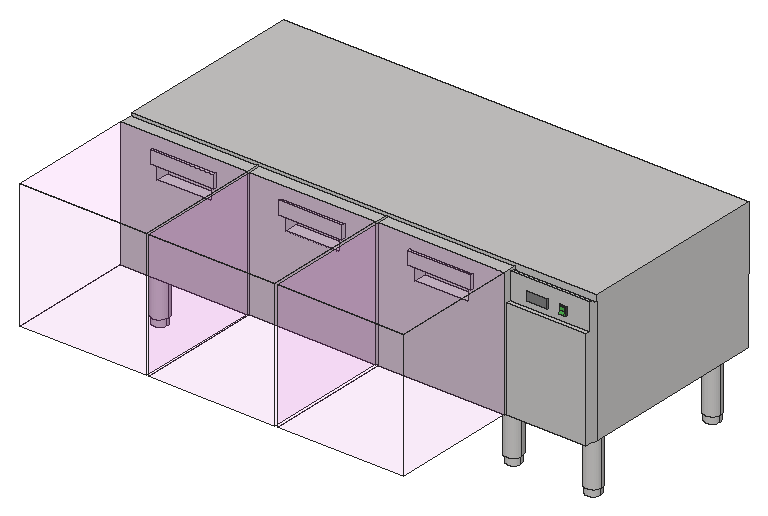
Revit family "QF_ELECTROLUXPROFESSIONAL_371372_E7TTAPCOMKN", category Specialty Equipment, Revit 2018
Family settings
  Round Connector Dimension = Use Diameter
  Part Type = Normal
  Work Plane-Based = No
  Always vertical = Yes
  Cut with Voids When Loaded = No
  Shared = No
  Room Calculation Point = No
Parameters
  Weight = 110.00 kg
  Watts = 0 W
  Volts = 0 V
  URL Manufacturer = ""
  URL = ""
  Steam Supply Size = 0 mm
  Steam Supply Minimum Pressure = 0.0 Pa
  Steam Supply Maximum Pressure = 0.0 Pa
  Steam Pounds per Hour = 0
  Refrigeration Suction Line Size = 0 mm
  Refrigeration Liquid Line Size = 0 mm
  Refrigerant Compressor Remote = yes
  Manufacturer = ""
  Phase = 0
  Model = ""
  Length Actual = 1600 mm  # constant formula
  Item Number = ""
  Hot Water Size = 0 mm
  Height Actual = 600 mm  # constant formula
  HP = "0.5 HP"
  Gas Size = 0 mm
  Gas KW = 0
  Gas Input Pressure = 0 W
  Direct Waste Size = 12.7 mm
  Description = ""
  Depth Actual = 700 mm  # constant formula
  Cycle = 0 Hz
  Condensate Return Size = 0 mm
  Compressed Air Volume = 0.0 L/s
  Compressed Air Size = 0 mm
  Compressed Air Pressure = 0.0 Pa
  Cold Water Size = 0 mm
  Accessory = yes
Reference planes
  plane 1 "Center X": y = 0
  plane 2: z = 0
  plane 3 "Centro (Sinistra/Destra)": x = 0
  plane 4: z = 200
  plane 5 "TOP": z = 650
  plane 6 "BACK": y = 350
  plane 7 "FRONT": y = -350
  plane 8 "LEFT": x = -800
  plane 9 "RIGHT": x = 800
  plane 10: y = -303
  plane 11: y = -348
  plane 12: x = -745
  plane 13: x = 745
  plane 14: x = 471
  plane 15: y = 262
  plane 16: y = -249
  plane 17: x = 286
  plane 18: x = -799
  plane 19: x = 799
  plane 20: y = 190
  plane 21: x = 560
Forms (mm)
  Extrusion 1, solid, material "QF_Finishes_Stainless Steel"
    sketch origin (0, 0, 650) x (-1, 0, 0) y (0, -1, 0)
      loop
        line (799, -350) -> (799, 303) -> (-799, 303) -> (-799, -350) -> (799, -350)
    from -450 to 0
  Extrusion 2, solid, material "QF_Finishes_Stainless Steel"
    sketch origin (196, -342.999, 0) x (-1, 0, 0) y (0, 0, 1)
      loop
        line (995, 201.587) -> (995, 640.994) -> (560.999, 640.994) -> (560.999, 201.587) -> (995, 201.587)
      loop
        line (871.3, 506.706) -> (871.3, 585) -> (684.699, 585) -> (684.699, 506.706) -> (871.3, 506.706)
    from -5.001 to 39.999
  Extrusion 3, solid, material "QF_Door-Drawer Clearances"
    sketch origin (196, -348, 0) x (1, 0, 0) y (0, 0, 1)
      loop
        line (-995, 640.994) -> (-995, 201.587) -> (-560.999, 201.587) -> (-560.999, 640.994) -> (-995, 640.994)
    from 0 to 434
  Extrusion 4, solid, material "QF_Finishes_Stainless Steel"
    sketch origin (196, -348, 0) x (1, 0, 0) y (0, 0, 1)
      loop
        line (-886.3, 598.969) -> (-886.3, 553.969) -> (-669.699, 553.969) -> (-669.699, 598.969) -> (-886.3, 598.969)
    from 0 to 10
  Extrusion 5, solid, material "QF_Finishes_Stainless Steel"
    sketch origin (200, 0, 0) x (1, 0, 0) y (0, 1, 0)
      loop
        circle (560, 190) r 6
    from 189.987 to 200
  Extrusion 6, solid, material "QF_Finishes_Stainless Steel"
    sketch origin (799, 66.551, 0) x (0, 1, 0) y (0, 0, 1)
      loop
        line (-369.551, 629.527) -> (-386.314, 640.994) -> (-397.65, 640.994) -> (-397.65, 549.796) -> (-414.551, 549.796) -> (-414.551, 204.796) -> (-384.714, 204.796) -> (-374.993, 200) -> (-369.551, 200) -> (-369.551, 629.527)
    from 0 to -271
  Extrusion 7, solid, material "QF_Finishes_Black"
    sketch origin (783, -331.099, 630.994) x (0, 0, -1) y (1, 0, 0)
      loop
        line (32.198, -86.899) -> (61.199, -86.899) -> (61.199, -64.9) -> (32.198, -64.9) -> (32.198, -86.899)
    from 0 to 1.6
  Extrusion 8, solid, material "QF_Finishes_Grey"
    sketch origin (789, -331.099, 630.994) x (0, 0, -1) y (1, 0, 0)
      loop
        line (32.198, -206.099) -> (61.199, -206.099) -> (61.199, -136.099) -> (32.198, -136.099) -> (32.198, -206.099)
    from 0 to 1.6
  Extrusion 9, solid, material "QF_Finishes_Green"
    sketch origin (718.1, -331.099, 598.796) x (0, 0, -1) y (0, 1, 0)
      loop
        line (2.279, -3.281) -> (14.5, -3.281) -> (25.308, -8.985)
        arc (25.308, -8.985) -> (26.537, -5.394) -> (26.605, -1.6) r 12.221
        line (26.605, -1.6) -> (2.395, -1.6)
        arc (2.395, -1.6) -> (2.308, -2.439) -> (2.279, -3.281) r 12.221
    from -20 to -2
  Extrusion 10, solid, material "QF_Finishes_Stainless Steel"
    sketch origin (640.331, -342.999, 0) x (-1, 0, 0) y (0, 0, 1)
      loop
        line (997, 201.587) -> (997, 640.994) -> (563, 640.994) -> (563, 201.587) -> (997, 201.587)
      loop
        line (873.3, 506.706) -> (873.3, 585) -> (686.699, 585) -> (686.699, 506.706) -> (873.3, 506.706)
    from -5.001 to 39.999
  Extrusion 11, solid, material "QF_Door-Drawer Clearances"
    sketch origin (640.331, -348, 0) x (1, 0, 0) y (0, 0, 1)
      loop
        line (-997, 640.994) -> (-997, 201.587) -> (-563, 201.587) -> (-563, 640.994) -> (-997, 640.994)
    from 0 to 434
  Extrusion 12, solid, material "QF_Finishes_Stainless Steel"
    sketch origin (640.331, -348, 0) x (1, 0, 0) y (0, 0, 1)
      loop
        line (-888.3, 598.969) -> (-888.3, 553.969) -> (-671.699, 553.969) -> (-671.699, 598.969) -> (-888.3, 598.969)
    from 0 to 10
  Extrusion 13, solid, material "QF_Finishes_Stainless Steel"
    sketch origin (1073.161, -342.999, 0) x (-1, 0, 0) y (0, 0, 1)
      loop
        line (553.5, 201.587) -> (987.5, 201.587) -> (987.5, 640.994) -> (553.5, 640.994) -> (553.5, 201.587)
      loop
        line (863.8, 506.706) -> (863.8, 585) -> (677.199, 585) -> (677.199, 506.706) -> (863.8, 506.706)
    from -5.001 to 39.999
  Extrusion 14, solid, material "QF_Door-Drawer Clearances"
    sketch origin (1073.161, -348, 0) x (1, 0, 0) y (0, 0, 1)
      loop
        line (-553.5, 640.994) -> (-987.5, 640.994) -> (-987.5, 201.587) -> (-553.5, 201.587) -> (-553.5, 640.994)
    from 0 to 434
  Extrusion 15, solid, material "QF_Finishes_Stainless Steel"
    sketch origin (1073.161, -348, 0) x (1, 0, 0) y (0, 0, 1)
      loop
        line (-878.8, 598.969) -> (-878.8, 553.969) -> (-662.199, 553.969) -> (-662.199, 598.969) -> (-878.8, 598.969)
    from 0 to 10
Lines and regions (mm)
  Split face 1
    outline origin (789, -332.699, 630.994) x (0, 0, -1) y (1, 0, 0)
      loop
        line (37.198, -196.099) -> (52.198, -196.099) -> (52.198, -146.099) -> (37.198, -146.099) -> (37.198, -196.099)
  Split face 2
    outline origin (789, -332.699, 630.994) x (0, 0, -1) y (1, 0, 0)
      loop
        circle (44.698, -143.099) r 1.2
  Split face 3
    outline origin (789, -332.699, 630.994) x (0, 0, -1) y (1, 0, 0)
      loop
        circle (39.698, -143.099) r 1.2
  Split face 4
    outline origin (789, -332.699, 630.994) x (0, 0, -1) y (1, 0, 0)
      loop
        circle (49.698, -143.099) r 1.2
  Split face 5
    outline origin (789, -332.699, 630.994) x (0, 0, -1) y (1, 0, 0)
      loop
        circle (39.698, -199.099) r 1.2
  Split face 6
    outline origin (789, -332.699, 630.994) x (0, 0, -1) y (1, 0, 0)
      loop
        circle (44.698, -199.099) r 1.2
  Split face 7
    outline origin (789, -332.699, 630.994) x (0, 0, -1) y (1, 0, 0)
      loop
        circle (49.698, -199.099) r 1.2
  Split face 8
    outline origin (789, -332.699, 630.994) x (0, 0, -1) y (1, 0, 0)
      loop
        line (59.151, -196.099) -> (59.151, -185.099) -> (54.151, -185.099) -> (54.151, -196.099) -> (59.151, -196.099)
  Split face 9
    outline origin (789, -332.699, 630.994) x (0, 0, -1) y (1, 0, 0)
      loop
        line (54.151, -183.099) -> (59.151, -183.099) -> (59.151, -172.099) -> (54.151, -172.099) -> (54.151, -183.099)
  Split face 10
    outline origin (802, -332.699, 630.994) x (0, 0, -1) y (1, 0, 0)
      loop
        line (54.151, -183.099) -> (59.151, -183.099) -> (59.151, -172.099) -> (54.151, -172.099) -> (54.151, -183.099)
  Split face 11
    outline origin (815, -332.699, 630.994) x (0, 0, -1) y (1, 0, 0)
      loop
        line (54.151, -183.099) -> (59.151, -183.099) -> (59.151, -172.099) -> (54.151, -172.099) -> (54.151, -183.099)
  Split face 12
    outline origin (799, -348, 412.291) x (0, 0, -1) y (1, 0, 0)
      loop
        arc (-85.025, -240.599) -> (-81.004, -236.61) -> (-85.004, -232.599) r 4
        line (-85.004, -232.599) -> (-117.004, -232.599)
        arc (-117.004, -232.599) -> (-121.004, -236.61) -> (-116.984, -240.599) r 4
        line (-116.984, -240.599) -> (-85.025, -240.599)
  Split face 13
    outline origin (811, -348, 412.291) x (0, 0, -1) y (1, 0, 0)
      loop
        arc (-85.025, -240.599) -> (-81.004, -236.61) -> (-85.004, -232.599) r 4
        line (-85.004, -232.599) -> (-117.004, -232.599)
        arc (-117.004, -232.599) -> (-121.004, -236.61) -> (-116.984, -240.599) r 4
        line (-116.984, -240.599) -> (-85.025, -240.599)
  Split face 14
    outline origin (823, -348, 412.291) x (0, 0, -1) y (1, 0, 0)
      loop
        arc (-85.025, -240.599) -> (-81.004, -236.61) -> (-85.004, -232.599) r 4
        line (-85.004, -232.599) -> (-117.004, -232.599)
        arc (-117.004, -232.599) -> (-121.004, -236.61) -> (-116.984, -240.599) r 4
        line (-116.984, -240.599) -> (-85.025, -240.599)
  Split face 15
    outline origin (834.897, -348, 412.291) x (0, 0, -1) y (1, 0, 0)
      loop
        arc (-85.025, -240.599) -> (-81.004, -236.61) -> (-85.004, -232.599) r 4
        line (-85.004, -232.599) -> (-117.004, -232.599)
        arc (-117.004, -232.599) -> (-121.004, -236.61) -> (-116.984, -240.599) r 4
        line (-116.984, -240.599) -> (-85.025, -240.599)
  Split face 16
    outline origin (846.896, -348, 412.291) x (0, 0, -1) y (1, 0, 0)
      loop
        arc (-85.025, -240.599) -> (-81.004, -236.61) -> (-85.004, -232.599) r 4
        line (-85.004, -232.599) -> (-117.004, -232.599)
        arc (-117.004, -232.599) -> (-121.004, -236.61) -> (-116.984, -240.599) r 4
        line (-116.984, -240.599) -> (-85.025, -240.599)
  Split face 17
    outline origin (858.896, -348, 412.291) x (0, 0, -1) y (1, 0, 0)
      loop
        arc (-85.025, -240.599) -> (-81.004, -236.61) -> (-85.004, -232.599) r 4
        line (-85.004, -232.599) -> (-117.004, -232.599)
        arc (-117.004, -232.599) -> (-121.004, -236.61) -> (-116.984, -240.599) r 4
        line (-116.984, -240.599) -> (-85.025, -240.599)
  Split face 18
    outline origin (870.896, -348, 412.291) x (0, 0, -1) y (1, 0, 0)
      loop
        arc (-85.025, -240.599) -> (-81.004, -236.61) -> (-85.004, -232.599) r 4
        line (-85.004, -232.599) -> (-117.004, -232.599)
        arc (-117.004, -232.599) -> (-121.004, -236.61) -> (-116.984, -240.599) r 4
        line (-116.984, -240.599) -> (-85.025, -240.599)
  Split face 19
    outline origin (882.897, -348, 412.291) x (0, 0, -1) y (1, 0, 0)
      loop
        arc (-85.025, -240.599) -> (-81.004, -236.61) -> (-85.004, -232.599) r 4
        line (-85.004, -232.599) -> (-117.004, -232.599)
        arc (-117.004, -232.599) -> (-121.004, -236.61) -> (-116.984, -240.599) r 4
        line (-116.984, -240.599) -> (-85.025, -240.599)
  Split face 20
    outline origin (894.896, -348, 412.291) x (0, 0, -1) y (1, 0, 0)
      loop
        arc (-85.025, -240.599) -> (-81.004, -236.61) -> (-85.004, -232.599) r 4
        line (-85.004, -232.599) -> (-117.004, -232.599)
        arc (-117.004, -232.599) -> (-121.004, -236.61) -> (-116.984, -240.599) r 4
        line (-116.984, -240.599) -> (-85.025, -240.599)
  Split face 21
    outline origin (906.896, -348, 412.291) x (0, 0, -1) y (1, 0, 0)
      loop
        arc (-85.025, -242.399) -> (-81.004, -238.41) -> (-85.004, -234.4) r 4
        line (-85.004, -234.4) -> (-117.004, -234.4)
        arc (-117.004, -234.4) -> (-121.004, -238.41) -> (-116.984, -242.399) r 4
        line (-116.984, -242.399) -> (-85.025, -242.399)
  Split face 22
    outline origin (918.896, -348, 412.291) x (0, 0, -1) y (1, 0, 0)
      loop
        arc (-85.025, -242.399) -> (-81.004, -238.41) -> (-85.004, -234.4) r 4
        line (-85.004, -234.4) -> (-117.004, -234.4)
        arc (-117.004, -234.4) -> (-121.004, -238.41) -> (-116.984, -242.399) r 4
        line (-116.984, -242.399) -> (-85.025, -242.399)
  Split face 23
    outline origin (930.896, -348, 412.291) x (0, 0, -1) y (1, 0, 0)
      loop
        arc (-85.025, -242.399) -> (-81.004, -238.41) -> (-85.004, -234.4) r 4
        line (-85.004, -234.4) -> (-117.004, -234.4)
        arc (-117.004, -234.4) -> (-121.004, -238.41) -> (-116.984, -242.399) r 4
        line (-116.984, -242.399) -> (-85.025, -242.399)
  Split face 24
    outline origin (942.896, -348, 412.291) x (0, 0, -1) y (1, 0, 0)
      loop
        arc (-85.025, -242.399) -> (-81.004, -238.41) -> (-85.004, -234.4) r 4
        line (-85.004, -234.4) -> (-117.004, -234.4)
        arc (-117.004, -234.4) -> (-121.004, -238.41) -> (-116.984, -242.399) r 4
        line (-116.984, -242.399) -> (-85.025, -242.399)
  Split face 25
    outline origin (954.896, -348, 412.291) x (0, 0, -1) y (1, 0, 0)
      loop
        arc (-85.025, -242.399) -> (-81.004, -238.41) -> (-85.004, -234.4) r 4
        line (-85.004, -234.4) -> (-117.004, -234.4)
        arc (-117.004, -234.4) -> (-121.004, -238.41) -> (-116.984, -242.399) r 4
        line (-116.984, -242.399) -> (-85.025, -242.399)
  Split face 26
    outline origin (966.896, -348, 412.291) x (0, 0, -1) y (1, 0, 0)
      loop
        arc (-85.025, -242.399) -> (-81.004, -238.41) -> (-85.004, -234.4) r 4
        line (-85.004, -234.4) -> (-117.004, -234.4)
        arc (-117.004, -234.4) -> (-121.004, -238.41) -> (-116.984, -242.399) r 4
        line (-116.984, -242.399) -> (-85.025, -242.399)
  Split face 27
    outline origin (978.896, -348, 412.291) x (0, 0, -1) y (1, 0, 0)
      loop
        arc (-85.025, -242.399) -> (-81.004, -238.41) -> (-85.004, -234.4) r 4
        line (-85.004, -234.4) -> (-117.004, -234.4)
        arc (-117.004, -234.4) -> (-121.004, -238.41) -> (-116.984, -242.399) r 4
        line (-116.984, -242.399) -> (-85.025, -242.399)
  Split face 28
    outline origin (990.896, -348, 412.291) x (0, 0, -1) y (1, 0, 0)
      loop
        arc (-85.025, -242.399) -> (-81.004, -238.41) -> (-85.004, -234.4) r 4
        line (-85.004, -234.4) -> (-117.004, -234.4)
        arc (-117.004, -234.4) -> (-121.004, -238.41) -> (-116.984, -242.399) r 4
        line (-116.984, -242.399) -> (-85.025, -242.399)
  Split face 29
    outline origin (1002.896, -348, 412.291) x (0, 0, -1) y (1, 0, 0)
      loop
        arc (-85.025, -242.399) -> (-81.004, -238.41) -> (-85.004, -234.4) r 4
        line (-85.004, -234.4) -> (-117.004, -234.4)
        arc (-117.004, -234.4) -> (-121.004, -238.41) -> (-116.984, -242.399) r 4
        line (-116.984, -242.399) -> (-85.025, -242.399)
  Split face 30
    outline origin (1014.896, -348, 412.291) x (0, 0, -1) y (1, 0, 0)
      loop
        arc (-85.025, -242.399) -> (-81.004, -238.41) -> (-85.004, -234.4) r 4
        line (-85.004, -234.4) -> (-117.004, -234.4)
        arc (-117.004, -234.4) -> (-121.004, -238.41) -> (-116.984, -242.399) r 4
        line (-116.984, -242.399) -> (-85.025, -242.399)
  Split face 31
    outline origin (787, -348, 412.291) x (0, 0, -1) y (1, 0, 0)
      loop
        arc (-85.025, -240.599) -> (-81.004, -236.61) -> (-85.004, -232.599) r 4
        line (-85.004, -232.599) -> (-117.004, -232.599)
        arc (-117.004, -232.599) -> (-121.004, -236.61) -> (-116.984, -240.599) r 4
        line (-116.984, -240.599) -> (-85.025, -240.599)
  Split face 32
    outline origin (799, -348, 367.29) x (0, 0, -1) y (1, 0, 0)
      loop
        arc (-85.025, -240.599) -> (-81.004, -236.61) -> (-85.004, -232.599) r 4
        line (-85.004, -232.599) -> (-117.004, -232.599)
        arc (-117.004, -232.599) -> (-121.004, -236.61) -> (-116.984, -240.599) r 4
        line (-116.984, -240.599) -> (-85.025, -240.599)
  Split face 33
    outline origin (811, -348, 367.29) x (0, 0, -1) y (1, 0, 0)
      loop
        arc (-85.025, -240.599) -> (-81.004, -236.61) -> (-85.004, -232.599) r 4
        line (-85.004, -232.599) -> (-117.004, -232.599)
        arc (-117.004, -232.599) -> (-121.004, -236.61) -> (-116.984, -240.599) r 4
        line (-116.984, -240.599) -> (-85.025, -240.599)
  Split face 34
    outline origin (823, -348, 367.29) x (0, 0, -1) y (1, 0, 0)
      loop
        arc (-85.025, -240.599) -> (-81.004, -236.61) -> (-85.004, -232.599) r 4
        line (-85.004, -232.599) -> (-117.004, -232.599)
        arc (-117.004, -232.599) -> (-121.004, -236.61) -> (-116.984, -240.599) r 4
        line (-116.984, -240.599) -> (-85.025, -240.599)
  Split face 35
    outline origin (834.897, -348, 367.29) x (0, 0, -1) y (1, 0, 0)
      loop
        arc (-85.025, -240.599) -> (-81.004, -236.61) -> (-85.004, -232.599) r 4
        line (-85.004, -232.599) -> (-117.004, -232.599)
        arc (-117.004, -232.599) -> (-121.004, -236.61) -> (-116.984, -240.599) r 4
        line (-116.984, -240.599) -> (-85.025, -240.599)
  Split face 36
    outline origin (846.896, -348, 367.29) x (0, 0, -1) y (1, 0, 0)
      loop
        arc (-85.025, -240.599) -> (-81.004, -236.61) -> (-85.004, -232.599) r 4
        line (-85.004, -232.599) -> (-117.004, -232.599)
        arc (-117.004, -232.599) -> (-121.004, -236.61) -> (-116.984, -240.599) r 4
        line (-116.984, -240.599) -> (-85.025, -240.599)
  Split face 37
    outline origin (858.896, -348, 367.29) x (0, 0, -1) y (1, 0, 0)
      loop
        arc (-85.025, -240.599) -> (-81.004, -236.61) -> (-85.004, -232.599) r 4
        line (-85.004, -232.599) -> (-117.004, -232.599)
        arc (-117.004, -232.599) -> (-121.004, -236.61) -> (-116.984, -240.599) r 4
        line (-116.984, -240.599) -> (-85.025, -240.599)
  Split face 38
    outline origin (870.896, -348, 367.29) x (0, 0, -1) y (1, 0, 0)
      loop
        arc (-85.025, -240.599) -> (-81.004, -236.61) -> (-85.004, -232.599) r 4
        line (-85.004, -232.599) -> (-117.004, -232.599)
        arc (-117.004, -232.599) -> (-121.004, -236.61) -> (-116.984, -240.599) r 4
        line (-116.984, -240.599) -> (-85.025, -240.599)
  Split face 39
    outline origin (882.897, -348, 367.29) x (0, 0, -1) y (1, 0, 0)
      loop
        arc (-85.025, -240.599) -> (-81.004, -236.61) -> (-85.004, -232.599) r 4
        line (-85.004, -232.599) -> (-117.004, -232.599)
        arc (-117.004, -232.599) -> (-121.004, -236.61) -> (-116.984, -240.599) r 4
        line (-116.984, -240.599) -> (-85.025, -240.599)
  Split face 40
    outline origin (894.896, -348, 367.29) x (0, 0, -1) y (1, 0, 0)
      loop
        arc (-85.025, -240.599) -> (-81.004, -236.61) -> (-85.004, -232.599) r 4
        line (-85.004, -232.599) -> (-117.004, -232.599)
        arc (-117.004, -232.599) -> (-121.004, -236.61) -> (-116.984, -240.599) r 4
        line (-116.984, -240.599) -> (-85.025, -240.599)
  Split face 41
    outline origin (906.896, -348, 367.29) x (0, 0, -1) y (1, 0, 0)
      loop
        arc (-85.025, -242.399) -> (-81.004, -238.41) -> (-85.004, -234.4) r 4
        line (-85.004, -234.4) -> (-117.004, -234.4)
        arc (-117.004, -234.4) -> (-121.004, -238.41) -> (-116.984, -242.399) r 4
        line (-116.984, -242.399) -> (-85.025, -242.399)
  Split face 42
    outline origin (918.896, -348, 367.29) x (0, 0, -1) y (1, 0, 0)
      loop
        arc (-85.025, -242.399) -> (-81.004, -238.41) -> (-85.004, -234.4) r 4
        line (-85.004, -234.4) -> (-117.004, -234.4)
        arc (-117.004, -234.4) -> (-121.004, -238.41) -> (-116.984, -242.399) r 4
        line (-116.984, -242.399) -> (-85.025, -242.399)
  Split face 43
    outline origin (930.896, -348, 367.29) x (0, 0, -1) y (1, 0, 0)
      loop
        arc (-85.025, -242.399) -> (-81.004, -238.41) -> (-85.004, -234.4) r 4
        line (-85.004, -234.4) -> (-117.004, -234.4)
        arc (-117.004, -234.4) -> (-121.004, -238.41) -> (-116.984, -242.399) r 4
        line (-116.984, -242.399) -> (-85.025, -242.399)
  Split face 44
    outline origin (942.896, -348, 367.29) x (0, 0, -1) y (1, 0, 0)
      loop
        arc (-85.025, -242.399) -> (-81.004, -238.41) -> (-85.004, -234.4) r 4
        line (-85.004, -234.4) -> (-117.004, -234.4)
        arc (-117.004, -234.4) -> (-121.004, -238.41) -> (-116.984, -242.399) r 4
        line (-116.984, -242.399) -> (-85.025, -242.399)
  Split face 45
    outline origin (954.896, -348, 367.29) x (0, 0, -1) y (1, 0, 0)
      loop
        arc (-85.025, -242.399) -> (-81.004, -238.41) -> (-85.004, -234.4) r 4
        line (-85.004, -234.4) -> (-117.004, -234.4)
        arc (-117.004, -234.4) -> (-121.004, -238.41) -> (-116.984, -242.399) r 4
        line (-116.984, -242.399) -> (-85.025, -242.399)
  Split face 46
    outline origin (966.896, -348, 367.29) x (0, 0, -1) y (1, 0, 0)
      loop
        arc (-85.025, -242.399) -> (-81.004, -238.41) -> (-85.004, -234.4) r 4
        line (-85.004, -234.4) -> (-117.004, -234.4)
        arc (-117.004, -234.4) -> (-121.004, -238.41) -> (-116.984, -242.399) r 4
        line (-116.984, -242.399) -> (-85.025, -242.399)
  Split face 47
    outline origin (978.896, -348, 367.29) x (0, 0, -1) y (1, 0, 0)
      loop
        arc (-85.025, -242.399) -> (-81.004, -238.41) -> (-85.004, -234.4) r 4
        line (-85.004, -234.4) -> (-117.004, -234.4)
        arc (-117.004, -234.4) -> (-121.004, -238.41) -> (-116.984, -242.399) r 4
        line (-116.984, -242.399) -> (-85.025, -242.399)
  Split face 48
    outline origin (990.896, -348, 367.29) x (0, 0, -1) y (1, 0, 0)
      loop
        arc (-85.025, -242.399) -> (-81.004, -238.41) -> (-85.004, -234.4) r 4
        line (-85.004, -234.4) -> (-117.004, -234.4)
        arc (-117.004, -234.4) -> (-121.004, -238.41) -> (-116.984, -242.399) r 4
        line (-116.984, -242.399) -> (-85.025, -242.399)
  Split face 49
    outline origin (1002.896, -348, 367.29) x (0, 0, -1) y (1, 0, 0)
      loop
        arc (-85.025, -242.399) -> (-81.004, -238.41) -> (-85.004, -234.4) r 4
        line (-85.004, -234.4) -> (-117.004, -234.4)
        arc (-117.004, -234.4) -> (-121.004, -238.41) -> (-116.984, -242.399) r 4
        line (-116.984, -242.399) -> (-85.025, -242.399)
  Split face 50
    outline origin (1014.896, -348, 367.29) x (0, 0, -1) y (1, 0, 0)
      loop
        arc (-85.025, -242.399) -> (-81.004, -238.41) -> (-85.004, -234.4) r 4
        line (-85.004, -234.4) -> (-117.004, -234.4)
        arc (-117.004, -234.4) -> (-121.004, -238.41) -> (-116.984, -242.399) r 4
        line (-116.984, -242.399) -> (-85.025, -242.399)
  Split face 51
    outline origin (787, -348, 367.29) x (0, 0, -1) y (1, 0, 0)
      loop
        arc (-85.025, -240.599) -> (-81.004, -236.61) -> (-85.004, -232.599) r 4
        line (-85.004, -232.599) -> (-117.004, -232.599)
        arc (-117.004, -232.599) -> (-121.004, -236.61) -> (-116.984, -240.599) r 4
        line (-116.984, -240.599) -> (-85.025, -240.599)
  Split face 52
    outline origin (799, -348, 322.29) x (0, 0, -1) y (1, 0, 0)
      loop
        arc (-85.025, -240.599) -> (-81.004, -236.61) -> (-85.004, -232.599) r 4
        line (-85.004, -232.599) -> (-117.004, -232.599)
        arc (-117.004, -232.599) -> (-121.004, -236.61) -> (-116.984, -240.599) r 4
        line (-116.984, -240.599) -> (-85.025, -240.599)
  Split face 53
    outline origin (811, -348, 322.29) x (0, 0, -1) y (1, 0, 0)
      loop
        arc (-85.025, -240.599) -> (-81.004, -236.61) -> (-85.004, -232.599) r 4
        line (-85.004, -232.599) -> (-117.004, -232.599)
        arc (-117.004, -232.599) -> (-121.004, -236.61) -> (-116.984, -240.599) r 4
        line (-116.984, -240.599) -> (-85.025, -240.599)
  Split face 54
    outline origin (823, -348, 322.29) x (0, 0, -1) y (1, 0, 0)
      loop
        arc (-85.025, -240.599) -> (-81.004, -236.61) -> (-85.004, -232.599) r 4
        line (-85.004, -232.599) -> (-117.004, -232.599)
        arc (-117.004, -232.599) -> (-121.004, -236.61) -> (-116.984, -240.599) r 4
        line (-116.984, -240.599) -> (-85.025, -240.599)
  Split face 55
    outline origin (834.897, -348, 322.29) x (0, 0, -1) y (1, 0, 0)
      loop
        arc (-85.025, -240.599) -> (-81.004, -236.61) -> (-85.004, -232.599) r 4
        line (-85.004, -232.599) -> (-117.004, -232.599)
        arc (-117.004, -232.599) -> (-121.004, -236.61) -> (-116.984, -240.599) r 4
        line (-116.984, -240.599) -> (-85.025, -240.599)
  Split face 56
    outline origin (846.896, -348, 322.29) x (0, 0, -1) y (1, 0, 0)
      loop
        arc (-85.025, -240.599) -> (-81.004, -236.61) -> (-85.004, -232.599) r 4
        line (-85.004, -232.599) -> (-117.004, -232.599)
        arc (-117.004, -232.599) -> (-121.004, -236.61) -> (-116.984, -240.599) r 4
        line (-116.984, -240.599) -> (-85.025, -240.599)
  Split face 57
    outline origin (858.896, -348, 322.29) x (0, 0, -1) y (1, 0, 0)
      loop
        arc (-85.025, -240.599) -> (-81.004, -236.61) -> (-85.004, -232.599) r 4
        line (-85.004, -232.599) -> (-117.004, -232.599)
        arc (-117.004, -232.599) -> (-121.004, -236.61) -> (-116.984, -240.599) r 4
        line (-116.984, -240.599) -> (-85.025, -240.599)
  Split face 58
    outline origin (870.896, -348, 322.29) x (0, 0, -1) y (1, 0, 0)
      loop
        arc (-85.025, -240.599) -> (-81.004, -236.61) -> (-85.004, -232.599) r 4
        line (-85.004, -232.599) -> (-117.004, -232.599)
        arc (-117.004, -232.599) -> (-121.004, -236.61) -> (-116.984, -240.599) r 4
        line (-116.984, -240.599) -> (-85.025, -240.599)
  Split face 59
    outline origin (882.897, -348, 322.29) x (0, 0, -1) y (1, 0, 0)
      loop
        arc (-85.025, -240.599) -> (-81.004, -236.61) -> (-85.004, -232.599) r 4
        line (-85.004, -232.599) -> (-117.004, -232.599)
        arc (-117.004, -232.599) -> (-121.004, -236.61) -> (-116.984, -240.599) r 4
        line (-116.984, -240.599) -> (-85.025, -240.599)
  Split face 60
    outline origin (894.896, -348, 322.29) x (0, 0, -1) y (1, 0, 0)
      loop
        arc (-85.025, -240.599) -> (-81.004, -236.61) -> (-85.004, -232.599) r 4
        line (-85.004, -232.599) -> (-117.004, -232.599)
        arc (-117.004, -232.599) -> (-121.004, -236.61) -> (-116.984, -240.599) r 4
        line (-116.984, -240.599) -> (-85.025, -240.599)
  Split face 61
    outline origin (906.896, -348, 322.29) x (0, 0, -1) y (1, 0, 0)
      loop
        arc (-85.025, -242.399) -> (-81.004, -238.41) -> (-85.004, -234.4) r 4
        line (-85.004, -234.4) -> (-117.004, -234.4)
        arc (-117.004, -234.4) -> (-121.004, -238.41) -> (-116.984, -242.399) r 4
        line (-116.984, -242.399) -> (-85.025, -242.399)
  Split face 62
    outline origin (918.896, -348, 322.29) x (0, 0, -1) y (1, 0, 0)
      loop
        arc (-85.025, -242.399) -> (-81.004, -238.41) -> (-85.004, -234.4) r 4
        line (-85.004, -234.4) -> (-117.004, -234.4)
        arc (-117.004, -234.4) -> (-121.004, -238.41) -> (-116.984, -242.399) r 4
        line (-116.984, -242.399) -> (-85.025, -242.399)
  Split face 63
    outline origin (930.896, -348, 322.29) x (0, 0, -1) y (1, 0, 0)
      loop
        arc (-85.025, -242.399) -> (-81.004, -238.41) -> (-85.004, -234.4) r 4
        line (-85.004, -234.4) -> (-117.004, -234.4)
        arc (-117.004, -234.4) -> (-121.004, -238.41) -> (-116.984, -242.399) r 4
        line (-116.984, -242.399) -> (-85.025, -242.399)
  Split face 64
    outline origin (942.896, -348, 322.29) x (0, 0, -1) y (1, 0, 0)
      loop
        arc (-85.025, -242.399) -> (-81.004, -238.41) -> (-85.004, -234.4) r 4
        line (-85.004, -234.4) -> (-117.004, -234.4)
        arc (-117.004, -234.4) -> (-121.004, -238.41) -> (-116.984, -242.399) r 4
        line (-116.984, -242.399) -> (-85.025, -242.399)
  Split face 65
    outline origin (954.896, -348, 322.29) x (0, 0, -1) y (1, 0, 0)
      loop
        arc (-85.025, -242.399) -> (-81.004, -238.41) -> (-85.004, -234.4) r 4
        line (-85.004, -234.4) -> (-117.004, -234.4)
        arc (-117.004, -234.4) -> (-121.004, -238.41) -> (-116.984, -242.399) r 4
        line (-116.984, -242.399) -> (-85.025, -242.399)
  Split face 66
    outline origin (966.896, -348, 322.29) x (0, 0, -1) y (1, 0, 0)
      loop
        arc (-85.025, -242.399) -> (-81.004, -238.41) -> (-85.004, -234.4) r 4
        line (-85.004, -234.4) -> (-117.004, -234.4)
        arc (-117.004, -234.4) -> (-121.004, -238.41) -> (-116.984, -242.399) r 4
        line (-116.984, -242.399) -> (-85.025, -242.399)
  Split face 67
    outline origin (978.896, -348, 322.29) x (0, 0, -1) y (1, 0, 0)
      loop
        arc (-85.025, -242.399) -> (-81.004, -238.41) -> (-85.004, -234.4) r 4
        line (-85.004, -234.4) -> (-117.004, -234.4)
        arc (-117.004, -234.4) -> (-121.004, -238.41) -> (-116.984, -242.399) r 4
        line (-116.984, -242.399) -> (-85.025, -242.399)
  Split face 68
    outline origin (990.896, -348, 322.29) x (0, 0, -1) y (1, 0, 0)
      loop
        arc (-85.025, -242.399) -> (-81.004, -238.41) -> (-85.004, -234.4) r 4
        line (-85.004, -234.4) -> (-117.004, -234.4)
        arc (-117.004, -234.4) -> (-121.004, -238.41) -> (-116.984, -242.399) r 4
        line (-116.984, -242.399) -> (-85.025, -242.399)
  Split face 69
    outline origin (1002.896, -348, 322.29) x (0, 0, -1) y (1, 0, 0)
      loop
        arc (-85.025, -242.399) -> (-81.004, -238.41) -> (-85.004, -234.4) r 4
        line (-85.004, -234.4) -> (-117.004, -234.4)
        arc (-117.004, -234.4) -> (-121.004, -238.41) -> (-116.984, -242.399) r 4
        line (-116.984, -242.399) -> (-85.025, -242.399)
  Split face 70
    outline origin (1014.896, -348, 322.29) x (0, 0, -1) y (1, 0, 0)
      loop
        arc (-85.025, -242.399) -> (-81.004, -238.41) -> (-85.004, -234.4) r 4
        line (-85.004, -234.4) -> (-117.004, -234.4)
        arc (-117.004, -234.4) -> (-121.004, -238.41) -> (-116.984, -242.399) r 4
        line (-116.984, -242.399) -> (-85.025, -242.399)
  Split face 71
    outline origin (787, -348, 322.29) x (0, 0, -1) y (1, 0, 0)
      loop
        arc (-85.025, -240.599) -> (-81.004, -236.61) -> (-85.004, -232.599) r 4
        line (-85.004, -232.599) -> (-117.004, -232.599)
        arc (-117.004, -232.599) -> (-121.004, -236.61) -> (-116.984, -240.599) r 4
        line (-116.984, -240.599) -> (-85.025, -240.599)
  Split face 72
    outline origin (799, -348, 277.29) x (0, 0, -1) y (1, 0, 0)
      loop
        arc (-85.025, -240.599) -> (-81.004, -236.61) -> (-85.004, -232.599) r 4
        line (-85.004, -232.599) -> (-117.004, -232.599)
        arc (-117.004, -232.599) -> (-121.004, -236.61) -> (-116.984, -240.599) r 4
        line (-116.984, -240.599) -> (-85.025, -240.599)
  Split face 73
    outline origin (811, -348, 277.29) x (0, 0, -1) y (1, 0, 0)
      loop
        arc (-85.025, -240.599) -> (-81.004, -236.61) -> (-85.004, -232.599) r 4
        line (-85.004, -232.599) -> (-117.004, -232.599)
        arc (-117.004, -232.599) -> (-121.004, -236.61) -> (-116.984, -240.599) r 4
        line (-116.984, -240.599) -> (-85.025, -240.599)
  Split face 74
    outline origin (823, -348, 277.29) x (0, 0, -1) y (1, 0, 0)
      loop
        arc (-85.025, -240.599) -> (-81.004, -236.61) -> (-85.004, -232.599) r 4
        line (-85.004, -232.599) -> (-117.004, -232.599)
        arc (-117.004, -232.599) -> (-121.004, -236.61) -> (-116.984, -240.599) r 4
        line (-116.984, -240.599) -> (-85.025, -240.599)
  Split face 75
    outline origin (834.897, -348, 277.29) x (0, 0, -1) y (1, 0, 0)
      loop
        arc (-85.025, -240.599) -> (-81.004, -236.61) -> (-85.004, -232.599) r 4
        line (-85.004, -232.599) -> (-117.004, -232.599)
        arc (-117.004, -232.599) -> (-121.004, -236.61) -> (-116.984, -240.599) r 4
        line (-116.984, -240.599) -> (-85.025, -240.599)
  Split face 76
    outline origin (846.896, -348, 277.29) x (0, 0, -1) y (1, 0, 0)
      loop
        arc (-85.025, -240.599) -> (-81.004, -236.61) -> (-85.004, -232.599) r 4
        line (-85.004, -232.599) -> (-117.004, -232.599)
        arc (-117.004, -232.599) -> (-121.004, -236.61) -> (-116.984, -240.599) r 4
        line (-116.984, -240.599) -> (-85.025, -240.599)
  Split face 77
    outline origin (858.896, -348, 277.29) x (0, 0, -1) y (1, 0, 0)
      loop
        arc (-85.025, -240.599) -> (-81.004, -236.61) -> (-85.004, -232.599) r 4
        line (-85.004, -232.599) -> (-117.004, -232.599)
        arc (-117.004, -232.599) -> (-121.004, -236.61) -> (-116.984, -240.599) r 4
        line (-116.984, -240.599) -> (-85.025, -240.599)
  Split face 78
    outline origin (870.896, -348, 277.29) x (0, 0, -1) y (1, 0, 0)
      loop
        arc (-85.025, -240.599) -> (-81.004, -236.61) -> (-85.004, -232.599) r 4
        line (-85.004, -232.599) -> (-117.004, -232.599)
        arc (-117.004, -232.599) -> (-121.004, -236.61) -> (-116.984, -240.599) r 4
        line (-116.984, -240.599) -> (-85.025, -240.599)
  Split face 79
    outline origin (882.897, -348, 277.29) x (0, 0, -1) y (1, 0, 0)
      loop
        arc (-85.025, -240.599) -> (-81.004, -236.61) -> (-85.004, -232.599) r 4
        line (-85.004, -232.599) -> (-117.004, -232.599)
        arc (-117.004, -232.599) -> (-121.004, -236.61) -> (-116.984, -240.599) r 4
        line (-116.984, -240.599) -> (-85.025, -240.599)
  Split face 80
    outline origin (894.896, -348, 277.29) x (0, 0, -1) y (1, 0, 0)
      loop
        arc (-85.025, -240.599) -> (-81.004, -236.61) -> (-85.004, -232.599) r 4
        line (-85.004, -232.599) -> (-117.004, -232.599)
        arc (-117.004, -232.599) -> (-121.004, -236.61) -> (-116.984, -240.599) r 4
        line (-116.984, -240.599) -> (-85.025, -240.599)
  Split face 81
    outline origin (906.896, -348, 277.29) x (0, 0, -1) y (1, 0, 0)
      loop
        arc (-85.025, -242.399) -> (-81.004, -238.41) -> (-85.004, -234.4) r 4
        line (-85.004, -234.4) -> (-117.004, -234.4)
        arc (-117.004, -234.4) -> (-121.004, -238.41) -> (-116.984, -242.399) r 4
        line (-116.984, -242.399) -> (-85.025, -242.399)
  Split face 82
    outline origin (918.896, -348, 277.29) x (0, 0, -1) y (1, 0, 0)
      loop
        arc (-85.025, -242.399) -> (-81.004, -238.41) -> (-85.004, -234.4) r 4
        line (-85.004, -234.4) -> (-117.004, -234.4)
        arc (-117.004, -234.4) -> (-121.004, -238.41) -> (-116.984, -242.399) r 4
        line (-116.984, -242.399) -> (-85.025, -242.399)
  Split face 83
    outline origin (930.896, -348, 277.29) x (0, 0, -1) y (1, 0, 0)
      loop
        arc (-85.025, -242.399) -> (-81.004, -238.41) -> (-85.004, -234.4) r 4
        line (-85.004, -234.4) -> (-117.004, -234.4)
        arc (-117.004, -234.4) -> (-121.004, -238.41) -> (-116.984, -242.399) r 4
        line (-116.984, -242.399) -> (-85.025, -242.399)
  Split face 84
    outline origin (942.896, -348, 277.29) x (0, 0, -1) y (1, 0, 0)
      loop
        arc (-85.025, -242.399) -> (-81.004, -238.41) -> (-85.004, -234.4) r 4
        line (-85.004, -234.4) -> (-117.004, -234.4)
        arc (-117.004, -234.4) -> (-121.004, -238.41) -> (-116.984, -242.399) r 4
        line (-116.984, -242.399) -> (-85.025, -242.399)
  Split face 85
    outline origin (954.896, -348, 277.29) x (0, 0, -1) y (1, 0, 0)
      loop
        arc (-85.025, -242.399) -> (-81.004, -238.41) -> (-85.004, -234.4) r 4
        line (-85.004, -234.4) -> (-117.004, -234.4)
        arc (-117.004, -234.4) -> (-121.004, -238.41) -> (-116.984, -242.399) r 4
        line (-116.984, -242.399) -> (-85.025, -242.399)
  Split face 86
    outline origin (966.896, -348, 277.29) x (0, 0, -1) y (1, 0, 0)
      loop
        arc (-85.025, -242.399) -> (-81.004, -238.41) -> (-85.004, -234.4) r 4
        line (-85.004, -234.4) -> (-117.004, -234.4)
        arc (-117.004, -234.4) -> (-121.004, -238.41) -> (-116.984, -242.399) r 4
        line (-116.984, -242.399) -> (-85.025, -242.399)
  Split face 87
    outline origin (978.896, -348, 277.29) x (0, 0, -1) y (1, 0, 0)
      loop
        arc (-85.025, -242.399) -> (-81.004, -238.41) -> (-85.004, -234.4) r 4
        line (-85.004, -234.4) -> (-117.004, -234.4)
        arc (-117.004, -234.4) -> (-121.004, -238.41) -> (-116.984, -242.399) r 4
        line (-116.984, -242.399) -> (-85.025, -242.399)
  Split face 88
    outline origin (990.896, -348, 277.29) x (0, 0, -1) y (1, 0, 0)
      loop
        arc (-85.025, -242.399) -> (-81.004, -238.41) -> (-85.004, -234.4) r 4
        line (-85.004, -234.4) -> (-117.004, -234.4)
        arc (-117.004, -234.4) -> (-121.004, -238.41) -> (-116.984, -242.399) r 4
        line (-116.984, -242.399) -> (-85.025, -242.399)
  Split face 89
    outline origin (1002.896, -348, 277.29) x (0, 0, -1) y (1, 0, 0)
      loop
        arc (-85.025, -242.399) -> (-81.004, -238.41) -> (-85.004, -234.4) r 4
        line (-85.004, -234.4) -> (-117.004, -234.4)
        arc (-117.004, -234.4) -> (-121.004, -238.41) -> (-116.984, -242.399) r 4
        line (-116.984, -242.399) -> (-85.025, -242.399)
  Split face 90
    outline origin (1014.896, -348, 277.29) x (0, 0, -1) y (1, 0, 0)
      loop
        arc (-85.025, -242.399) -> (-81.004, -238.41) -> (-85.004, -234.4) r 4
        line (-85.004, -234.4) -> (-117.004, -234.4)
        arc (-117.004, -234.4) -> (-121.004, -238.41) -> (-116.984, -242.399) r 4
        line (-116.984, -242.399) -> (-85.025, -242.399)
  Split face 91
    outline origin (787, -348, 277.29) x (0, 0, -1) y (1, 0, 0)
      loop
        arc (-85.025, -240.599) -> (-81.004, -236.61) -> (-85.004, -232.599) r 4
        line (-85.004, -232.599) -> (-117.004, -232.599)
        arc (-117.004, -232.599) -> (-121.004, -236.61) -> (-116.984, -240.599) r 4
        line (-116.984, -240.599) -> (-85.025, -240.599)
  Split face 92
    outline origin (799, -348, 232.29) x (0, 0, -1) y (1, 0, 0)
      loop
        arc (-85.025, -240.599) -> (-81.004, -236.61) -> (-85.004, -232.599) r 4
        line (-85.004, -232.599) -> (-117.004, -232.599)
        arc (-117.004, -232.599) -> (-121.004, -236.61) -> (-116.984, -240.599) r 4
        line (-116.984, -240.599) -> (-85.025, -240.599)
  Split face 93
    outline origin (811, -348, 232.29) x (0, 0, -1) y (1, 0, 0)
      loop
        arc (-85.025, -240.599) -> (-81.004, -236.61) -> (-85.004, -232.599) r 4
        line (-85.004, -232.599) -> (-117.004, -232.599)
        arc (-117.004, -232.599) -> (-121.004, -236.61) -> (-116.984, -240.599) r 4
        line (-116.984, -240.599) -> (-85.025, -240.599)
  Split face 94
    outline origin (823, -348, 232.29) x (0, 0, -1) y (1, 0, 0)
      loop
        arc (-85.025, -240.599) -> (-81.004, -236.61) -> (-85.004, -232.599) r 4
        line (-85.004, -232.599) -> (-117.004, -232.599)
        arc (-117.004, -232.599) -> (-121.004, -236.61) -> (-116.984, -240.599) r 4
        line (-116.984, -240.599) -> (-85.025, -240.599)
  Split face 95
    outline origin (834.897, -348, 232.29) x (0, 0, -1) y (1, 0, 0)
      loop
        arc (-85.025, -240.599) -> (-81.004, -236.61) -> (-85.004, -232.599) r 4
        line (-85.004, -232.599) -> (-117.004, -232.599)
        arc (-117.004, -232.599) -> (-121.004, -236.61) -> (-116.984, -240.599) r 4
        line (-116.984, -240.599) -> (-85.025, -240.599)
  Split face 96
    outline origin (846.896, -348, 232.29) x (0, 0, -1) y (1, 0, 0)
      loop
        arc (-85.025, -240.599) -> (-81.004, -236.61) -> (-85.004, -232.599) r 4
        line (-85.004, -232.599) -> (-117.004, -232.599)
        arc (-117.004, -232.599) -> (-121.004, -236.61) -> (-116.984, -240.599) r 4
        line (-116.984, -240.599) -> (-85.025, -240.599)
  Split face 97
    outline origin (858.896, -348, 232.29) x (0, 0, -1) y (1, 0, 0)
      loop
        arc (-85.025, -240.599) -> (-81.004, -236.61) -> (-85.004, -232.599) r 4
        line (-85.004, -232.599) -> (-117.004, -232.599)
        arc (-117.004, -232.599) -> (-121.004, -236.61) -> (-116.984, -240.599) r 4
        line (-116.984, -240.599) -> (-85.025, -240.599)
  Split face 98
    outline origin (870.896, -348, 232.29) x (0, 0, -1) y (1, 0, 0)
      loop
        arc (-85.025, -240.599) -> (-81.004, -236.61) -> (-85.004, -232.599) r 4
        line (-85.004, -232.599) -> (-117.004, -232.599)
        arc (-117.004, -232.599) -> (-121.004, -236.61) -> (-116.984, -240.599) r 4
        line (-116.984, -240.599) -> (-85.025, -240.599)
  Split face 99
    outline origin (882.897, -348, 232.29) x (0, 0, -1) y (1, 0, 0)
      loop
        arc (-85.025, -240.599) -> (-81.004, -236.61) -> (-85.004, -232.599) r 4
        line (-85.004, -232.599) -> (-117.004, -232.599)
        arc (-117.004, -232.599) -> (-121.004, -236.61) -> (-116.984, -240.599) r 4
        line (-116.984, -240.599) -> (-85.025, -240.599)
  Split face 100
    outline origin (894.896, -348, 232.29) x (0, 0, -1) y (1, 0, 0)
      loop
        arc (-85.025, -240.599) -> (-81.004, -236.61) -> (-85.004, -232.599) r 4
        line (-85.004, -232.599) -> (-117.004, -232.599)
        arc (-117.004, -232.599) -> (-121.004, -236.61) -> (-116.984, -240.599) r 4
        line (-116.984, -240.599) -> (-85.025, -240.599)
  Split face 101
    outline origin (906.896, -348, 232.29) x (0, 0, -1) y (1, 0, 0)
      loop
        arc (-85.025, -242.399) -> (-81.004, -238.41) -> (-85.004, -234.4) r 4
        line (-85.004, -234.4) -> (-117.004, -234.4)
        arc (-117.004, -234.4) -> (-121.004, -238.41) -> (-116.984, -242.399) r 4
        line (-116.984, -242.399) -> (-85.025, -242.399)
  Split face 102
    outline origin (918.896, -348, 232.29) x (0, 0, -1) y (1, 0, 0)
      loop
        arc (-85.025, -242.399) -> (-81.004, -238.41) -> (-85.004, -234.4) r 4
        line (-85.004, -234.4) -> (-117.004, -234.4)
        arc (-117.004, -234.4) -> (-121.004, -238.41) -> (-116.984, -242.399) r 4
        line (-116.984, -242.399) -> (-85.025, -242.399)
  Split face 103
    outline origin (930.896, -348, 232.29) x (0, 0, -1) y (1, 0, 0)
      loop
        arc (-85.025, -242.399) -> (-81.004, -238.41) -> (-85.004, -234.4) r 4
        line (-85.004, -234.4) -> (-117.004, -234.4)
        arc (-117.004, -234.4) -> (-121.004, -238.41) -> (-116.984, -242.399) r 4
        line (-116.984, -242.399) -> (-85.025, -242.399)
  Split face 104
    outline origin (942.896, -348, 232.29) x (0, 0, -1) y (1, 0, 0)
      loop
        arc (-85.025, -242.399) -> (-81.004, -238.41) -> (-85.004, -234.4) r 4
        line (-85.004, -234.4) -> (-117.004, -234.4)
        arc (-117.004, -234.4) -> (-121.004, -238.41) -> (-116.984, -242.399) r 4
        line (-116.984, -242.399) -> (-85.025, -242.399)
  Split face 105
    outline origin (954.896, -348, 232.29) x (0, 0, -1) y (1, 0, 0)
      loop
        arc (-85.025, -242.399) -> (-81.004, -238.41) -> (-85.004, -234.4) r 4
        line (-85.004, -234.4) -> (-117.004, -234.4)
        arc (-117.004, -234.4) -> (-121.004, -238.41) -> (-116.984, -242.399) r 4
        line (-116.984, -242.399) -> (-85.025, -242.399)
  Split face 106
    outline origin (966.896, -348, 232.29) x (0, 0, -1) y (1, 0, 0)
      loop
        arc (-85.025, -242.399) -> (-81.004, -238.41) -> (-85.004, -234.4) r 4
        line (-85.004, -234.4) -> (-117.004, -234.4)
        arc (-117.004, -234.4) -> (-121.004, -238.41) -> (-116.984, -242.399) r 4
        line (-116.984, -242.399) -> (-85.025, -242.399)
  Split face 107
    outline origin (978.896, -348, 232.29) x (0, 0, -1) y (1, 0, 0)
      loop
        arc (-85.025, -242.399) -> (-81.004, -238.41) -> (-85.004, -234.4) r 4
        line (-85.004, -234.4) -> (-117.004, -234.4)
        arc (-117.004, -234.4) -> (-121.004, -238.41) -> (-116.984, -242.399) r 4
        line (-116.984, -242.399) -> (-85.025, -242.399)
  Split face 108
    outline origin (990.896, -348, 232.29) x (0, 0, -1) y (1, 0, 0)
      loop
        arc (-85.025, -242.399) -> (-81.004, -238.41) -> (-85.004, -234.4) r 4
        line (-85.004, -234.4) -> (-117.004, -234.4)
        arc (-117.004, -234.4) -> (-121.004, -238.41) -> (-116.984, -242.399) r 4
        line (-116.984, -242.399) -> (-85.025, -242.399)
  Split face 109
    outline origin (1002.896, -348, 232.29) x (0, 0, -1) y (1, 0, 0)
      loop
        arc (-85.025, -242.399) -> (-81.004, -238.41) -> (-85.004, -234.4) r 4
        line (-85.004, -234.4) -> (-117.004, -234.4)
        arc (-117.004, -234.4) -> (-121.004, -238.41) -> (-116.984, -242.399) r 4
        line (-116.984, -242.399) -> (-85.025, -242.399)
  Split face 110
    outline origin (1014.896, -348, 232.29) x (0, 0, -1) y (1, 0, 0)
      loop
        arc (-85.025, -242.399) -> (-81.004, -238.41) -> (-85.004, -234.4) r 4
        line (-85.004, -234.4) -> (-117.004, -234.4)
        arc (-117.004, -234.4) -> (-121.004, -238.41) -> (-116.984, -242.399) r 4
        line (-116.984, -242.399) -> (-85.025, -242.399)
  Split face 111
    outline origin (787, -348, 232.29) x (0, 0, -1) y (1, 0, 0)
      loop
        arc (-85.025, -240.599) -> (-81.004, -236.61) -> (-85.004, -232.599) r 4
        line (-85.004, -232.599) -> (-117.004, -232.599)
        arc (-117.004, -232.599) -> (-121.004, -236.61) -> (-116.984, -240.599) r 4
        line (-116.984, -240.599) -> (-85.025, -240.599)
  Split face 112
    outline origin (799, -348, 187.29) x (0, 0, -1) y (1, 0, 0)
      loop
        arc (-85.025, -240.599) -> (-81.004, -236.61) -> (-85.004, -232.599) r 4
        line (-85.004, -232.599) -> (-117.004, -232.599)
        arc (-117.004, -232.599) -> (-121.004, -236.61) -> (-116.984, -240.599) r 4
        line (-116.984, -240.599) -> (-85.025, -240.599)
  Split face 113
    outline origin (811, -348, 187.29) x (0, 0, -1) y (1, 0, 0)
      loop
        arc (-85.025, -240.599) -> (-81.004, -236.61) -> (-85.004, -232.599) r 4
        line (-85.004, -232.599) -> (-117.004, -232.599)
        arc (-117.004, -232.599) -> (-121.004, -236.61) -> (-116.984, -240.599) r 4
        line (-116.984, -240.599) -> (-85.025, -240.599)
  Split face 114
    outline origin (823, -348, 187.29) x (0, 0, -1) y (1, 0, 0)
      loop
        arc (-85.025, -240.599) -> (-81.004, -236.61) -> (-85.004, -232.599) r 4
        line (-85.004, -232.599) -> (-117.004, -232.599)
        arc (-117.004, -232.599) -> (-121.004, -236.61) -> (-116.984, -240.599) r 4
        line (-116.984, -240.599) -> (-85.025, -240.599)
  Split face 115
    outline origin (834.897, -348, 187.29) x (0, 0, -1) y (1, 0, 0)
      loop
        arc (-85.025, -240.599) -> (-81.004, -236.61) -> (-85.004, -232.599) r 4
        line (-85.004, -232.599) -> (-117.004, -232.599)
        arc (-117.004, -232.599) -> (-121.004, -236.61) -> (-116.984, -240.599) r 4
        line (-116.984, -240.599) -> (-85.025, -240.599)
  Split face 116
    outline origin (846.896, -348, 187.29) x (0, 0, -1) y (1, 0, 0)
      loop
        arc (-85.025, -240.599) -> (-81.004, -236.61) -> (-85.004, -232.599) r 4
        line (-85.004, -232.599) -> (-117.004, -232.599)
        arc (-117.004, -232.599) -> (-121.004, -236.61) -> (-116.984, -240.599) r 4
        line (-116.984, -240.599) -> (-85.025, -240.599)
  Split face 117
    outline origin (858.896, -348, 187.29) x (0, 0, -1) y (1, 0, 0)
      loop
        arc (-85.025, -240.599) -> (-81.004, -236.61) -> (-85.004, -232.599) r 4
        line (-85.004, -232.599) -> (-117.004, -232.599)
        arc (-117.004, -232.599) -> (-121.004, -236.61) -> (-116.984, -240.599) r 4
        line (-116.984, -240.599) -> (-85.025, -240.599)
  Split face 118
    outline origin (870.896, -348, 187.29) x (0, 0, -1) y (1, 0, 0)
      loop
        arc (-85.025, -240.599) -> (-81.004, -236.61) -> (-85.004, -232.599) r 4
        line (-85.004, -232.599) -> (-117.004, -232.599)
        arc (-117.004, -232.599) -> (-121.004, -236.61) -> (-116.984, -240.599) r 4
        line (-116.984, -240.599) -> (-85.025, -240.599)
  Split face 119
    outline origin (882.897, -348, 187.29) x (0, 0, -1) y (1, 0, 0)
      loop
        arc (-85.025, -240.599) -> (-81.004, -236.61) -> (-85.004, -232.599) r 4
        line (-85.004, -232.599) -> (-117.004, -232.599)
        arc (-117.004, -232.599) -> (-121.004, -236.61) -> (-116.984, -240.599) r 4
        line (-116.984, -240.599) -> (-85.025, -240.599)
  Split face 120
    outline origin (894.896, -348, 187.29) x (0, 0, -1) y (1, 0, 0)
      loop
        arc (-85.025, -240.599) -> (-81.004, -236.61) -> (-85.004, -232.599) r 4
        line (-85.004, -232.599) -> (-117.004, -232.599)
        arc (-117.004, -232.599) -> (-121.004, -236.61) -> (-116.984, -240.599) r 4
        line (-116.984, -240.599) -> (-85.025, -240.599)
  Split face 121
    outline origin (906.896, -348, 187.29) x (0, 0, -1) y (1, 0, 0)
      loop
        arc (-85.025, -242.399) -> (-81.004, -238.41) -> (-85.004, -234.4) r 4
        line (-85.004, -234.4) -> (-117.004, -234.4)
        arc (-117.004, -234.4) -> (-121.004, -238.41) -> (-116.984, -242.399) r 4
        line (-116.984, -242.399) -> (-85.025, -242.399)
  Split face 122
    outline origin (918.896, -348, 187.29) x (0, 0, -1) y (1, 0, 0)
      loop
        arc (-85.025, -242.399) -> (-81.004, -238.41) -> (-85.004, -234.4) r 4
        line (-85.004, -234.4) -> (-117.004, -234.4)
        arc (-117.004, -234.4) -> (-121.004, -238.41) -> (-116.984, -242.399) r 4
        line (-116.984, -242.399) -> (-85.025, -242.399)
  Split face 123
    outline origin (930.896, -348, 187.29) x (0, 0, -1) y (1, 0, 0)
      loop
        arc (-85.025, -242.399) -> (-81.004, -238.41) -> (-85.004, -234.4) r 4
        line (-85.004, -234.4) -> (-117.004, -234.4)
        arc (-117.004, -234.4) -> (-121.004, -238.41) -> (-116.984, -242.399) r 4
        line (-116.984, -242.399) -> (-85.025, -242.399)
  Split face 124
    outline origin (942.896, -348, 187.29) x (0, 0, -1) y (1, 0, 0)
      loop
        arc (-85.025, -242.399) -> (-81.004, -238.41) -> (-85.004, -234.4) r 4
        line (-85.004, -234.4) -> (-117.004, -234.4)
        arc (-117.004, -234.4) -> (-121.004, -238.41) -> (-116.984, -242.399) r 4
        line (-116.984, -242.399) -> (-85.025, -242.399)
  Split face 125
    outline origin (954.896, -348, 187.29) x (0, 0, -1) y (1, 0, 0)
      loop
        arc (-85.025, -242.399) -> (-81.004, -238.41) -> (-85.004, -234.4) r 4
        line (-85.004, -234.4) -> (-117.004, -234.4)
        arc (-117.004, -234.4) -> (-121.004, -238.41) -> (-116.984, -242.399) r 4
        line (-116.984, -242.399) -> (-85.025, -242.399)
  Split face 126
    outline origin (966.896, -348, 187.29) x (0, 0, -1) y (1, 0, 0)
      loop
        arc (-85.025, -242.399) -> (-81.004, -238.41) -> (-85.004, -234.4) r 4
        line (-85.004, -234.4) -> (-117.004, -234.4)
        arc (-117.004, -234.4) -> (-121.004, -238.41) -> (-116.984, -242.399) r 4
        line (-116.984, -242.399) -> (-85.025, -242.399)
  Split face 127
    outline origin (978.896, -348, 187.29) x (0, 0, -1) y (1, 0, 0)
      loop
        arc (-85.025, -242.399) -> (-81.004, -238.41) -> (-85.004, -234.4) r 4
        line (-85.004, -234.4) -> (-117.004, -234.4)
        arc (-117.004, -234.4) -> (-121.004, -238.41) -> (-116.984, -242.399) r 4
        line (-116.984, -242.399) -> (-85.025, -242.399)
  Split face 128
    outline origin (990.896, -348, 187.29) x (0, 0, -1) y (1, 0, 0)
      loop
        arc (-85.025, -242.399) -> (-81.004, -238.41) -> (-85.004, -234.4) r 4
        line (-85.004, -234.4) -> (-117.004, -234.4)
        arc (-117.004, -234.4) -> (-121.004, -238.41) -> (-116.984, -242.399) r 4
        line (-116.984, -242.399) -> (-85.025, -242.399)
  Split face 129
    outline origin (1002.896, -348, 187.29) x (0, 0, -1) y (1, 0, 0)
      loop
        arc (-85.025, -242.399) -> (-81.004, -238.41) -> (-85.004, -234.4) r 4
        line (-85.004, -234.4) -> (-117.004, -234.4)
        arc (-117.004, -234.4) -> (-121.004, -238.41) -> (-116.984, -242.399) r 4
        line (-116.984, -242.399) -> (-85.025, -242.399)
  Split face 130
    outline origin (1014.896, -348, 187.29) x (0, 0, -1) y (1, 0, 0)
      loop
        arc (-85.025, -242.399) -> (-81.004, -238.41) -> (-85.004, -234.4) r 4
        line (-85.004, -234.4) -> (-117.004, -234.4)
        arc (-117.004, -234.4) -> (-121.004, -238.41) -> (-116.984, -242.399) r 4
        line (-116.984, -242.399) -> (-85.025, -242.399)
  Split face 131
    outline origin (787, -348, 187.29) x (0, 0, -1) y (1, 0, 0)
      loop
        arc (-85.025, -240.599) -> (-81.004, -236.61) -> (-85.004, -232.599) r 4
        line (-85.004, -232.599) -> (-117.004, -232.599)
        arc (-117.004, -232.599) -> (-121.004, -236.61) -> (-116.984, -240.599) r 4
        line (-116.984, -240.599) -> (-85.025, -240.599)
  Split face 132
    outline origin (799, -348, 142.29) x (0, 0, -1) y (1, 0, 0)
      loop
        arc (-85.025, -240.599) -> (-81.004, -236.61) -> (-85.004, -232.599) r 4
        line (-85.004, -232.599) -> (-117.004, -232.599)
        arc (-117.004, -232.599) -> (-121.004, -236.61) -> (-116.984, -240.599) r 4
        line (-116.984, -240.599) -> (-85.025, -240.599)
  Split face 133
    outline origin (811, -348, 142.29) x (0, 0, -1) y (1, 0, 0)
      loop
        arc (-85.025, -240.599) -> (-81.004, -236.61) -> (-85.004, -232.599) r 4
        line (-85.004, -232.599) -> (-117.004, -232.599)
        arc (-117.004, -232.599) -> (-121.004, -236.61) -> (-116.984, -240.599) r 4
        line (-116.984, -240.599) -> (-85.025, -240.599)
  Split face 134
    outline origin (823, -348, 142.29) x (0, 0, -1) y (1, 0, 0)
      loop
        arc (-85.025, -240.599) -> (-81.004, -236.61) -> (-85.004, -232.599) r 4
        line (-85.004, -232.599) -> (-117.004, -232.599)
        arc (-117.004, -232.599) -> (-121.004, -236.61) -> (-116.984, -240.599) r 4
        line (-116.984, -240.599) -> (-85.025, -240.599)
  Split face 135
    outline origin (834.897, -348, 142.29) x (0, 0, -1) y (1, 0, 0)
      loop
        arc (-85.025, -240.599) -> (-81.004, -236.61) -> (-85.004, -232.599) r 4
        line (-85.004, -232.599) -> (-117.004, -232.599)
        arc (-117.004, -232.599) -> (-121.004, -236.61) -> (-116.984, -240.599) r 4
        line (-116.984, -240.599) -> (-85.025, -240.599)
  Split face 136
    outline origin (846.896, -348, 142.29) x (0, 0, -1) y (1, 0, 0)
      loop
        arc (-85.025, -240.599) -> (-81.004, -236.61) -> (-85.004, -232.599) r 4
        line (-85.004, -232.599) -> (-117.004, -232.599)
        arc (-117.004, -232.599) -> (-121.004, -236.61) -> (-116.984, -240.599) r 4
        line (-116.984, -240.599) -> (-85.025, -240.599)
  Split face 137
    outline origin (858.896, -348, 142.29) x (0, 0, -1) y (1, 0, 0)
      loop
        arc (-85.025, -240.599) -> (-81.004, -236.61) -> (-85.004, -232.599) r 4
        line (-85.004, -232.599) -> (-117.004, -232.599)
        arc (-117.004, -232.599) -> (-121.004, -236.61) -> (-116.984, -240.599) r 4
        line (-116.984, -240.599) -> (-85.025, -240.599)
  Split face 138
    outline origin (870.896, -348, 142.29) x (0, 0, -1) y (1, 0, 0)
      loop
        arc (-85.025, -240.599) -> (-81.004, -236.61) -> (-85.004, -232.599) r 4
        line (-85.004, -232.599) -> (-117.004, -232.599)
        arc (-117.004, -232.599) -> (-121.004, -236.61) -> (-116.984, -240.599) r 4
        line (-116.984, -240.599) -> (-85.025, -240.599)
  Split face 139
    outline origin (882.897, -348, 142.29) x (0, 0, -1) y (1, 0, 0)
      loop
        arc (-85.025, -240.599) -> (-81.004, -236.61) -> (-85.004, -232.599) r 4
        line (-85.004, -232.599) -> (-117.004, -232.599)
        arc (-117.004, -232.599) -> (-121.004, -236.61) -> (-116.984, -240.599) r 4
        line (-116.984, -240.599) -> (-85.025, -240.599)
  Split face 140
    outline origin (894.896, -348, 142.29) x (0, 0, -1) y (1, 0, 0)
      loop
        arc (-85.025, -240.599) -> (-81.004, -236.61) -> (-85.004, -232.599) r 4
        line (-85.004, -232.599) -> (-117.004, -232.599)
        arc (-117.004, -232.599) -> (-121.004, -236.61) -> (-116.984, -240.599) r 4
        line (-116.984, -240.599) -> (-85.025, -240.599)
  Split face 141
    outline origin (906.896, -348, 142.29) x (0, 0, -1) y (1, 0, 0)
      loop
        arc (-85.025, -242.399) -> (-81.004, -238.41) -> (-85.004, -234.4) r 4
        line (-85.004, -234.4) -> (-117.004, -234.4)
        arc (-117.004, -234.4) -> (-121.004, -238.41) -> (-116.984, -242.399) r 4
        line (-116.984, -242.399) -> (-85.025, -242.399)
  Split face 142
    outline origin (918.896, -348, 142.29) x (0, 0, -1) y (1, 0, 0)
      loop
        arc (-85.025, -242.399) -> (-81.004, -238.41) -> (-85.004, -234.4) r 4
        line (-85.004, -234.4) -> (-117.004, -234.4)
        arc (-117.004, -234.4) -> (-121.004, -238.41) -> (-116.984, -242.399) r 4
        line (-116.984, -242.399) -> (-85.025, -242.399)
  Split face 143
    outline origin (930.896, -348, 142.29) x (0, 0, -1) y (1, 0, 0)
      loop
        arc (-85.025, -242.399) -> (-81.004, -238.41) -> (-85.004, -234.4) r 4
        line (-85.004, -234.4) -> (-117.004, -234.4)
        arc (-117.004, -234.4) -> (-121.004, -238.41) -> (-116.984, -242.399) r 4
        line (-116.984, -242.399) -> (-85.025, -242.399)
  Split face 144
    outline origin (942.896, -348, 142.29) x (0, 0, -1) y (1, 0, 0)
      loop
        arc (-85.025, -242.399) -> (-81.004, -238.41) -> (-85.004, -234.4) r 4
        line (-85.004, -234.4) -> (-117.004, -234.4)
        arc (-117.004, -234.4) -> (-121.004, -238.41) -> (-116.984, -242.399) r 4
        line (-116.984, -242.399) -> (-85.025, -242.399)
  Split face 145
    outline origin (954.896, -348, 142.29) x (0, 0, -1) y (1, 0, 0)
      loop
        arc (-85.025, -242.399) -> (-81.004, -238.41) -> (-85.004, -234.4) r 4
        line (-85.004, -234.4) -> (-117.004, -234.4)
        arc (-117.004, -234.4) -> (-121.004, -238.41) -> (-116.984, -242.399) r 4
        line (-116.984, -242.399) -> (-85.025, -242.399)
  Split face 146
    outline origin (966.896, -348, 142.29) x (0, 0, -1) y (1, 0, 0)
      loop
        arc (-85.025, -242.399) -> (-81.004, -238.41) -> (-85.004, -234.4) r 4
        line (-85.004, -234.4) -> (-117.004, -234.4)
        arc (-117.004, -234.4) -> (-121.004, -238.41) -> (-116.984, -242.399) r 4
